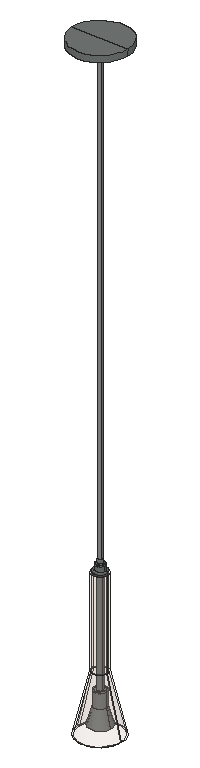
Revit family "3-652-xxx Liberty Pendant", category Lighting Fixtures, host Ceiling, Revit 2018
Family settings
  Host = Ceiling
  Round Connector Dimension = Use Diameter
  Part Type = Normal
  OmniClass Number = 23.80.70.11
  OmniClass Title = Luminaries for Internal Lighting
  Always vertical = Yes
  Cut with Voids When Loaded = No
  Light Source = Yes
  Shared = No
  Room Calculation Point = No
Parameters (values of type "3-652-2018 / Gunmetal - Coffee Ombre Glass")
  Wattage Comments = "1 x 6.2 W at 120 V"  # constant formula
  Wattage = 9.2903 W
  built-in parameter 1150110 = 1 (stored number, unit not read)
  Voltage Input = "120 V or 277 V - 50/60 Hz"  # constant formula
  Voltage = 120 V
  URL = "www.oxygenlighting.com"
  built-in parameter 1114217 = 1 (stored number, unit not read)
  built-in parameter 1150109 = 1 (stored number, unit not read)
  built-in parameter 1150134 = (empty or 0)
  built-in parameter 1150113 = 1 (stored number, unit not read)
  References = "Ref. 3 = 120 V / Ref. 37 = 277 V"  # constant formula
  Pendant Height = 64.00"
  Model = "3-652-xxx / Liberty Pendant"  # constant formula
  Metal Finish = 18 - Gunmetal
  Manufacturer = "Oxygen Lighting and Fans"  # constant formula
  Lumens = 1380 lm
  built-in parameter 1150115 = 1 (stored number, unit not read)
  built-in parameter 1150105 = 109.82 (stored number, unit not read)
  Light Source Symbol Size = 24.00"
  built-in parameter 1150137 = (empty or 0)
  built-in parameter 1150139 = (empty or 0)
  built-in parameter 1150112 = 1 (stored number, unit not read)
  built-in parameter 1150114 = 1 (stored number, unit not read)
  Lamp = "LED Array"  # constant formula
  built-in parameter 1150132 = 2
  built-in parameter 1150102 = (empty or 0)
  built-in parameter 1150138 = (empty or 0)
  built-in parameter 1150107 = 3000 (stored number, unit not read)
  built-in parameter 1150106 = 1.0982 (stored number, unit not read)
  Glass Material = Coffee Ombre Glass
  built-in parameter 1150104 = 13.8 (stored number, unit not read)
  Dimming Lamp Color Temperature Shift = <None>
  Color Filter = 16777215
  built-in parameter 1114218 = 1 (stored number, unit not read)
  built-in parameter 1150133 = 10 (stored number, unit not read)
Types (3): name | Metal Finish | Glass Material
  3-652-14 / Polished Chrome - Clear Glass | 14 - Polished Chrome | Clear Glass
  3-652-1314 / Polished Chrome - Smoked Ombre Glass | 14 - Polished Chrome | Smoked Ombre Glass
  3-652-2018 / Gunmetal - Coffee Ombre Glass | 18 - Gunmetal | Coffee Ombre Glass
Reference planes (in)
  plane 1 "Light Source Axis (F/B)": y = 0
  plane 2: z = 0
  plane 3 "Light Source Axis (L/R)": x = 0
  plane 4 "Ceiling": z = 157.48031
  plane 5 "Light Source Elevation": z = 93.48031
  plane 6: z = 109.72447
  plane 7: z = 155.85415
Forms (in)
  Extrusion 1, solid, material "Braided Cord"
    sketch origin (0, 0, 93.48031) x (-1, 0, 0) y (0, -1, 0)
      loop
        circle (0, 0) r 0.19451
    from 16.24416 to 62.37383
Dimensions and locks (in)
  equal spacing: host sketch curve, plane 3 "Light Source Axis (L/R)", host sketch curve
  equal spacing: host sketch curve, plane 1 "Light Source Axis (F/B)", host sketch curve
  host sketch curve to host sketch curve = 157.48031"  (x2)
  plane 4 "Ceiling" to host ceiling = 0.00"
  "Pendant Height": plane 5 "Light Source Elevation" to plane 4 "Ceiling"
  locked: plane 5 "Light Source Elevation" to plane 6 at 16.24416
  locked: plane 7 to plane 4 "Ceiling" at 1.62617
  aligned and locked: plane 3 "Light Source Axis (L/R)" to imposter light
  aligned and locked: plane 1 "Light Source Axis (F/B)" to imposter light
  aligned and locked: plane 5 "Light Source Elevation" to imposter light
  aligned and locked: plane 3 "Light Source Axis (L/R)" to nested 1
  aligned and locked: plane 1 "Light Source Axis (F/B)" to nested 1
  aligned and locked: plane 3 "Light Source Axis (L/R)" to nested 2
  aligned and locked: plane 1 "Light Source Axis (F/B)" to nested 2
  aligned and locked: Extrusion 1 to plane 6
  aligned and locked: nested 1 to plane 6
  aligned and locked: plane 4 "Ceiling" to nested 2
  aligned and locked: plane 7 to nested 2
  aligned and locked: plane 7 to Extrusion 1
Automatic sketch dimensions
  plane 1 "Light Source Axis (F/B)" to Extrusion 1 sketch curve = 0.00"
  Extrusion 1 sketch curve to plane 3 "Light Source Axis (L/R)" = 0.00"
  radius of Extrusion 1 sketch curve = 0.19451"
Nested families (in)
  nested 1: "Family1" at (0, 0, 109.72447), type "Family1"
  nested 2: "Family2" at (0, 0, 157.48031), type "Family2"
Connectors (in)
  electrical at (0, 0, 157.48031), driven by "Voltage"
    settings: on nested 2, index 1, voltage 120 V, apparent load 0 VA, apparent load phase1 0 VA, apparent load phase2 0 VA, apparent load phase3 0 VA, power factor 1, load classification "Other", number of poles 1, system type 31, power factor state 1, is connector primary yes, connector utility no, sub classification motor no, connector description ""
Definition of nested family "Family1"
  Parameters (values of type "Family1")
    Metal Finish = none
    Glass Material = none
    Diffuser = none
  Reference planes (in)
    plane 1 "Center (Front/Back)": y = 0
    plane 2: z = 0
    plane 3 "Center (Left/Right)": x = 0
  Forms (in)
    Revolve 1, solid, material <- "Metal Finish"
      sketch origin (0, 0, 0) x (1, 0, 0) y (0, 0, 1)
        loop
          line (0, 0) -> (-0.19451, 0)
          arc (-0.19451, 0) -> (-0.25429, -0.2009) -> (-0.26811, -0.41005) r 0.94071
          line (-0.26811, -0.41005) -> (-0.32068, -0.41005)
          arc (-0.32068, -0.41005) -> (-0.34547, -0.42032) -> (-0.35574, -0.44511) r 0.03506
          line (-0.35574, -0.44511) -> (-0.35574, -0.52921) -> (-0.44334, -0.52921)
          arc (-0.44334, -0.52921) -> (-0.46564, -0.53844) -> (-0.47488, -0.56075) r 0.03154
          line (-0.47488, -0.56075) -> (-0.47488, -1.06542) -> (-0.56951, -1.06542)
          arc (-0.56951, -1.06542) -> (-0.66063, -1.15654) -> (-0.56951, -1.24766) r 0.09112
          line (-0.56951, -1.24766) -> (-0.34871, -1.24766) -> (-0.34871, -1.5) -> (-0.25409, -1.5) -> (-0.25409, -12.04907) -> (-0.57152, -12.04907)
          arc (-0.57152, -12.04907) -> (-0.61365, -12.06652) -> (-0.6311, -12.10864) r 0.05958
          line (-0.6311, -12.10864) -> (-0.6311, -13.55607) -> (-1.13045, -15.29754) -> (-1.01424, -15.29754) -> (-0.51488, -13.55607) -> (-0.51488, -12.27446) -> (0, -12.27446) -> (0, 0)
        axis (0, 0) -> (0, -15.29754)
      angle from 0 to 360
    Revolve 2, solid, material <- "Diffuser"
      sketch origin (0, 0, 0) x (1, 0, 0) y (0, 0, 1)
        loop
          line (0, -15.29754) -> (0, -15.16477) -> (-0.97617, -15.16477) -> (-1.01424, -15.29754) -> (0, -15.29754)
        axis (0, -15.16477) -> (0, -15.29754)
      angle from 0 to 360
    Revolve 3, solid, material <- "Glass Material"
      sketch origin (0, 0, 0) x (1, 0, 0) y (0, 0, 1)
        loop
          line (0, -1.24766) -> (-0.69918, -1.24766)
          arc (-0.69918, -1.24766) -> (-0.78344, -1.28256) -> (-0.81834, -1.36682) r 0.11916
          line (-0.81834, -1.36682) -> (-0.81834, -10.38785) -> (-2.25526, -16.24416) -> (-2.1214, -16.24416) -> (-0.68834, -10.40357) -> (-0.68834, -1.42269)
          arc (-0.68834, -1.42269) -> (-0.67515, -1.39085) -> (-0.64332, -1.37766) r 0.04502
          line (-0.64332, -1.37766) -> (0, -1.37766) -> (0, -1.24766)
        axis (0, -1.24766) -> (0, -16.24416)
      angle from 0 to 360
  Dimensions and locks (in)
    aligned and locked: level to plane 2
Definition of nested family "Family2"
  Parameters (values of type "Family2")
    Metal Finish = none
  Reference planes (in)
    plane 1 "Center (Front/Back)": y = 0
    plane 2: z = 0
    plane 3 "Center (Left/Right)": x = 0
  Forms (in)
    Revolve 1, solid, material <- "Metal Finish"
      sketch origin (0, 0, 0) x (1, 0, 0) y (0, 0, 1)
        loop
          line (-2.87383, 0) -> (-2.87383, -0.62734) -> (-0.46612, -0.62734) -> (-0.46612, -1.06542)
          arc (-0.46612, -1.06542) -> (-0.45688, -1.08772) -> (-0.43458, -1.09696) r 0.03154
          line (-0.43458, -1.09696) -> (-0.35836, -1.09696) -> (-0.35836, -1.16967)
          arc (-0.35836, -1.16967) -> (-0.34476, -1.20252) -> (-0.31192, -1.21612) r 0.04645
          line (-0.31192, -1.21612) -> (-0.25935, -1.21612)
          arc (-0.25935, -1.21612) -> (-0.24571, -1.4239) -> (-0.19626, -1.62617) r 1.1963
          line (-0.19626, -1.62617) -> (0, -1.62617) -> (0, 0) -> (-2.87383, 0)
        axis (0, 0) -> (0, -1.62617)
      angle from 0 to 360
  Dimensions and locks (in)
    aligned and locked: level to plane 2
